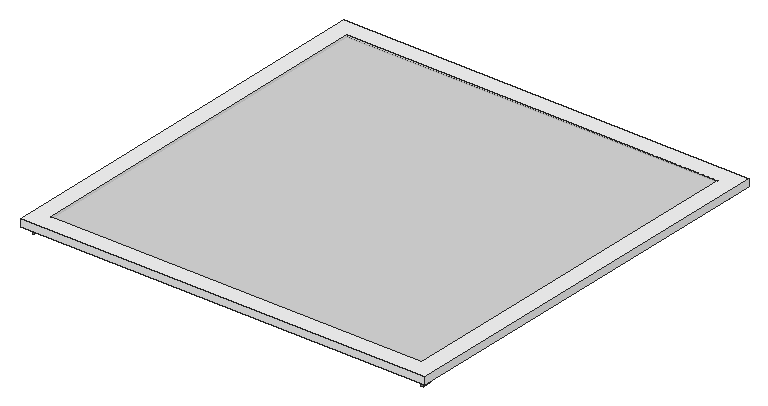
Revit family "0047634 Feilo Sylvania Lighting Fixtures START FLAT UGR19 1200 3000K G2", category Lighting Fixtures, host Face, Revit 2017
Family settings
  Host = Face
  Round Connector Dimension = Use Diameter
  Part Type = Normal
  OmniClass Number = 23.80.70.11.17
  OmniClass Title = Specialized Lighting by Location or Use
  Cut with Voids When Loaded = No
  Light Source = Yes
  Shared = No
  Room Calculation Point = No
Parameters (values of type "0047634 START FLAT UGR19 1200 3000K G2")
  Weight = "6.44 kg"
  Wattage = 33 W
  WarrantyStartDate [instance] = "n/a"
  WarrantyGuarantorParts = "n/a"
  WarrantyDurationUnit = "n/a"
  WarrantyDurationParts = "n/a"
  WarrantyDescription = "n/a"
  built-in parameter 1150110 = 1 (stored number, unit not read)
  Voltage = 230 V
  URL = "http://www.sylvania-lighting.com"
  TypeName = "START FLAT UGR19 1200 3000K G2"
  built-in parameter 1114217 = 1 (stored number, unit not read)
  Tilt Angle = -90.00°
  built-in parameter 1150109 = 1 (stored number, unit not read)
  built-in parameter 1150134 = (empty or 0)
  built-in parameter 1150113 = 1 (stored number, unit not read)
  SerialNumber [instance] = "n/a"
  PowerFactor = 0.9
  PowerConsumption = "33 W"
  Photometric Web File = "0047634.ies"
  NominalLength = 1195.0 mm
  NominalHeight = 10.5 mm
  NominalDepth = 295.0 mm
  Name = "START FLAT UGR19 1200 3000K G2"
  ModelReference = "START FLAT UGR19 1200 3000K G2"
  ModelNumber = "0047634"
  Material = "aluminium housing, pmma diffuser"
  ManufacturerName = "Feilo Sylvania"
  LuminousEfficacy = "91 lm/W"
  LuminaireType = ""
  LightOutputRatio = "n/a"
  LampsType = Lamp  # "Integrated LED"
  LampNominalLuminous = "3000 lm"
  LampMacAdamStep = "3"
  LampColourTemperature = "3000 K"
  LampColourRenderingIndex = "80"
  Keynote = "16500"
  InstallationDate [instance] = "n/a"
  InputVoltage = "220-240V~"
  InputNominalFrequency = "50/60 Hz"
  IngressProtection = "IP20"
  ImpactProtectionIndex = "IK03"
  IfcExportType = "IfcLightFixtureType"
  IfcExportAs = "IfcLightFixtureType"
  ExpectedLife = 50000
  ElectricShockClassification = "Class II"
  DurationUnit = "hours"
  DocumentationLiterature = "http://www.sylvania-lighting.com/product/en-int/products/0047634"
  DimmingControlOptions = "Non dimmable"
  Diffuser Material = Polycarbonate_Sylvania_Startflat Panel LED_Opal
  Cutout Width = 574.0 mm
  Cutout Length = 574.0 mm
  CreatedOn = "11/30/2017"
  CreatedBy = ""
  built-in parameter 1114216 [instance] = 1 (stored number, unit not read)
  Model = "START FLAT UGR19 1200 3000K G2"
  Manufacturer = "Feilo-Sylvania Group"
  built-in parameter 1150105 = 1803.6 (stored number, unit not read)
  Lumens = 3003 lm
  built-in parameter 1150115 = 1 (stored number, unit not read)
  built-in parameter 1150137 = (empty or 0)
  built-in parameter 1150139 = (empty or 0)
  built-in parameter 1150112 = 1 (stored number, unit not read)
  built-in parameter 1150114 = 1 (stored number, unit not read)
  Lamp = "Integrated LED"  # constant formula
  built-in parameter 1150132 = 2
  built-in parameter 1150102 = (empty or 0)
  built-in parameter 1150107 = 3000 (stored number, unit not read)
  built-in parameter 1150138 = (empty or 0)
  built-in parameter 1150106 = 18.036 (stored number, unit not read)
  Body Material = Metal_Sylvania_Startflat Panel LED_White
  Emit from Rectangle Width = 545.0 mm
  Emit from Rectangle Length = 545.0 mm
  Emit Shape Visible in Rendering = no
  built-in parameter 1150104 = 8.4542 (stored number, unit not read)
  Dimming Lamp Color Temperature Shift = <None>
  Description = "Ultra thin LED Panel, excellent uniformity of light, perfect for ceilings with low voids, high efficacy.Ulta thin edgelit LED 600x600mm Panel with, excellent uniform light distribution. Acrylic PMMA diffuser optimising light output whilst reducing glare. 4239lm 93lm/W."  # constant formula
  Default Elevation = 0.0 mm
  Color Filter = 16777215
  built-in parameter 1140040 [instance] = 1
  BarCode [instance] = "n/a"
  built-in parameter 1114218 = 1 (stored number, unit not read)
  built-in parameter 1150133 = 10 (stored number, unit not read)
  AssetType = "Fixed"
  AssetIdentifier [instance] = "n/a"
  Assembly Code = "D5020200"
  Apparent Load = 33 VA
  Mounting Material = Metal_Sylvania_Startflat Panel LED_Silver
Reference planes
  plane 1 "Center (Front/Back)": y = 0
  plane 2 "Fixture Top": z = 0
  plane 3 "Center (Left/Right)": x = 0
  plane 4: x = 295.5
  plane 5: x = -295.5
  plane 6 "Fixture Back": y = 297.5
  plane 7 "Fixture Front": y = -297.5
  plane 8 "Fixture Left": x = -297.5
  plane 9 "Fixture Right": x = 297.5
  plane 10: y = 295.5
  plane 11: y = -295.5
  plane 12: x = 272.5
  plane 13: x = -272.5
  plane 14: y = 272.5
  plane 15: y = -272.5
  plane 16: x = -287
  plane 17: x = 287
  plane 18: y = 287
  plane 19: y = -287
  plane 20 "Fixture Bottom": z = 10.5
  plane 21: z = 8.5
  plane 22: z = 6.5
  plane 23: z = -10
  plane 24: z = 2
Forms (mm)
  Extrusion 1, void
    sketch origin (0, 0, 60) x (-1, 0, 0) y (0, -1, 0)
      loop
        line (287, -287) -> (287, 287) -> (-287, 287) -> (-287, -287) -> (287, -287)
    from -70 to -60
  Extrusion 2, solid, material "Metal_Sylvania_Startflat Panel LED_White" <- "Body Material", detail levels fine
    sketch origin (0, 0, 60) x (-1, 0, 0) y (0, -1, 0)
      loop
        line (297.5, -297.5) -> (297.5, 297.5) -> (-297.5, 297.5) -> (-297.5, -297.5) -> (297.5, -297.5)
      loop
        line (272.5, -272.5) -> (272.5, 272.5) -> (-272.5, 272.5) -> (-272.5, -272.5) -> (272.5, -272.5)
    from -51.5 to -49.5
  Extrusion 3, solid, material "Metal_Sylvania_Startflat Panel LED_White" <- "Body Material", detail levels fine
    sketch origin (0, 0, 60) x (-1, 0, 0) y (0, -1, 0)
      loop
        line (297.5, -297.5) -> (297.5, 297.5) -> (-297.5, 297.5) -> (-297.5, -297.5) -> (297.5, -297.5)
      loop
        line (295.5, -295.5) -> (295.5, 295.5) -> (-295.5, 295.5) -> (-295.5, -295.5) -> (295.5, -295.5)
    from -60 to -51.5
  Extrusion 4, solid, material "Polycarbonate_Sylvania_Startflat Panel LED_Opal" <- "Diffuser Material", detail levels fine
    sketch origin (0, 0, 60) x (-1, 0, 0) y (0, -1, 0)
      loop
        line (295.5, -295.5) -> (295.5, 295.5) -> (-295.5, 295.5) -> (-295.5, -295.5) -> (295.5, -295.5)
    from -53.5 to -51.5
  Extrusion 5, solid, material "Metal_Sylvania_Startflat Panel LED_Silver" <- "Mounting Material", detail levels fine
    sketch origin (0, 0, 60) x (-1, 0, 0) y (0, -1, 0)
      loop
        line (287, -287) -> (287, -272.5) -> (284, -272.5) -> (284, -287) -> (287, -287)
      loop
        line (-284, -287) -> (-284, -272.5) -> (-287, -272.5) -> (-287, -287) -> (-284, -287)
      loop
        line (-284, 272.5) -> (-284, 287) -> (-287, 287) -> (-287, 272.5) -> (-284, 272.5)
      loop
        line (284, 272.5) -> (287, 272.5) -> (287, 287) -> (284, 287) -> (284, 272.5)
    from -70 to -60
  Extrusion 6, solid, material "Metal_Sylvania_Startflat Panel LED_White" <- "Body Material", detail levels fine
    sketch origin (0, 0, 60) x (-1, 0, 0) y (0, -1, 0)
      loop
        line (297.5, -297.5) -> (297.5, 297.5) -> (-297.5, 297.5) -> (-297.5, -297.5) -> (297.5, -297.5)
    from -60 to -58
  Extrusion 7, solid, material "Metal_Sylvania_Startflat Panel LED_White" <- "Body Material", detail levels coarse+medium
    sketch origin (0, 0, 60) x (-1, 0, 0) y (0, -1, 0)
      loop
        line (297.5, -297.5) -> (297.5, 297.5) -> (-297.5, 297.5) -> (-297.5, -297.5) -> (297.5, -297.5)
    from -60 to -49.5
Cuts and joins
  joined: Extrusion 2, Extrusion 3, Extrusion 6
Dimensions and locks
  equal spacing: plane 6 "Fixture Back", plane 1 "Center (Front/Back)", plane 7 "Fixture Front"
  locked: plane 6 "Fixture Back" to plane 7 "Fixture Front" at 595
  equal spacing: plane 8 "Fixture Left", plane 3 "Center (Left/Right)", plane 9 "Fixture Right"
  locked: plane 8 "Fixture Left" to plane 9 "Fixture Right" at 595
  locked: plane 8 "Fixture Left" to plane 5 at 2
  locked: plane 4 to plane 9 "Fixture Right" at 2
  locked: plane 6 "Fixture Back" to plane 10 at 2
  locked: plane 11 to plane 7 "Fixture Front" at 2
  locked: plane 12 to plane 9 "Fixture Right" at 25
  locked: plane 8 "Fixture Left" to plane 13 at 25
  locked: plane 6 "Fixture Back" to plane 14 at 25
  locked: plane 15 to plane 7 "Fixture Front" at 25
  equal spacing: plane 16, plane 3 "Center (Left/Right)", plane 17
  "Cutout Length": plane 16 to plane 17
  equal spacing: plane 18, plane 1 "Center (Front/Back)", plane 19
  "Cutout Width": plane 18 to plane 19
  locked: plane 20 "Fixture Bottom" to plane 2 "Fixture Top" at 10.5
  plane 20 "Fixture Bottom" to plane 21 to plane 22 = 2.0 mm locked, 2.0 mm locked
  locked: plane 2 "Fixture Top" to plane 23 at 10
  locked: plane 16 to Extrusion 5 sketch curve at 3
  locked: Extrusion 5 sketch curve to plane 17 at 3
  locked: plane 24 to plane 2 "Fixture Top" at 2
  aligned and locked: level to host face
  aligned and locked: imposter light to plane 1 "Center (Front/Back)"
  aligned and locked: plane 2 "Fixture Top" to Extrusion 1
  aligned and locked: Extrusion 2 sketch curve to plane 6 "Fixture Back"
  aligned and locked: plane 8 "Fixture Left" to Extrusion 2 sketch curve
  aligned and locked: plane 7 "Fixture Front" to Extrusion 2 sketch curve
  aligned and locked: Extrusion 2 sketch curve to plane 9 "Fixture Right"
  aligned and locked: Extrusion 2 sketch curve to plane 14
  aligned and locked: plane 13 to Extrusion 2 sketch curve
  aligned and locked: plane 15 to Extrusion 2 sketch curve
  aligned and locked: Extrusion 2 sketch curve to plane 12
  aligned and locked: Extrusion 3 sketch curve to Extrusion 2  (x4)
  aligned and locked: Extrusion 3 sketch curve to plane 10
  aligned and locked: plane 5 to Extrusion 3 sketch curve
  aligned and locked: plane 11 to Extrusion 3 sketch curve
  aligned and locked: Extrusion 3 sketch curve to plane 4
  aligned and locked: Extrusion 4 sketch curve to cut or joined group of Extrusion 2, Extrusion 3, Extrusion 6  (x4)
  aligned and locked: plane 16 to Extrusion 1 sketch curve
  aligned and locked: Extrusion 1 sketch curve to plane 17
  aligned and locked: Extrusion 1 sketch curve to plane 18
  aligned and locked: plane 19 to Extrusion 1 sketch curve
  aligned and locked: plane 20 "Fixture Bottom" to cut or joined group of Extrusion 2, Extrusion 3, Extrusion 6
  aligned and locked: cut or joined group of Extrusion 2, Extrusion 3, Extrusion 6 to plane 21
  aligned and locked: plane 21 to cut or joined group of Extrusion 2, Extrusion 3, Extrusion 6
  aligned and locked: cut or joined group of Extrusion 2, Extrusion 3, Extrusion 6 to plane 2 "Fixture Top"
  aligned and locked: plane 21 to Extrusion 4
  aligned and locked: Extrusion 4 to plane 22
  aligned and locked: level to plane 2 "Fixture Top"
  aligned and locked: plane 3 "Center (Left/Right)" to imposter light
  aligned and locked: plane 20 "Fixture Bottom" to imposter light
  aligned and locked: Extrusion 5 sketch curve to plane 18  (x2)
  aligned and locked: plane 16 to Extrusion 5 sketch curve
  aligned and locked: cut or joined group of Extrusion 2, Extrusion 3, Extrusion 6 to Extrusion 5 sketch curve  (x3)
  aligned and locked: plane 14 to Extrusion 5 sketch curve
  aligned and locked: Extrusion 5 sketch curve to plane 17  (x2)
  aligned and locked: plane 19 to Extrusion 5 sketch curve
  aligned and locked: Extrusion 5 sketch curve to plane 19
  aligned and locked: Extrusion 5 sketch curve to plane 16
  aligned and locked: Extrusion 5 to plane 23
  aligned and locked: Extrusion 5 sketch curve to Extrusion 5 sketch curve  (x2)
  aligned and locked: Extrusion 6 sketch curve to cut or joined group of Extrusion 2, Extrusion 3, Extrusion 6  (x4)
  aligned and locked: Extrusion 6 to plane 2 "Fixture Top"
  aligned and locked: plane 24 to Extrusion 6
  aligned and locked: plane 2 "Fixture Top" to Extrusion 5
  aligned and locked: Extrusion 7 sketch curve to cut or joined group of Extrusion 2, Extrusion 3, Extrusion 6  (x4)
  aligned and locked: Extrusion 7 to plane 2 "Fixture Top"
  aligned and locked: plane 20 "Fixture Bottom" to Extrusion 7
  aligned and locked: Extrusion 1 to Extrusion 5
Automatic sketch dimensions
  host sketch curve to host sketch curve = 1461.012 mm
  host sketch curve to host sketch curve = 1283.632 mm
Connectors
  electrical at (0, 0, 0), driven by "Apparent Load"
    settings: on cut or joined group of Extrusion 2, Extrusion 3, Extrusion 6, index 1, voltage 230 V, apparent load 0 VA, apparent load phase1 33 VA, apparent load phase2 0 VA, apparent load phase3 0 VA, power factor 1, load classification "Lighting", number of poles 1, system type 31, power factor state 1, is connector primary yes, connector utility no, sub classification motor no, connector description ""
